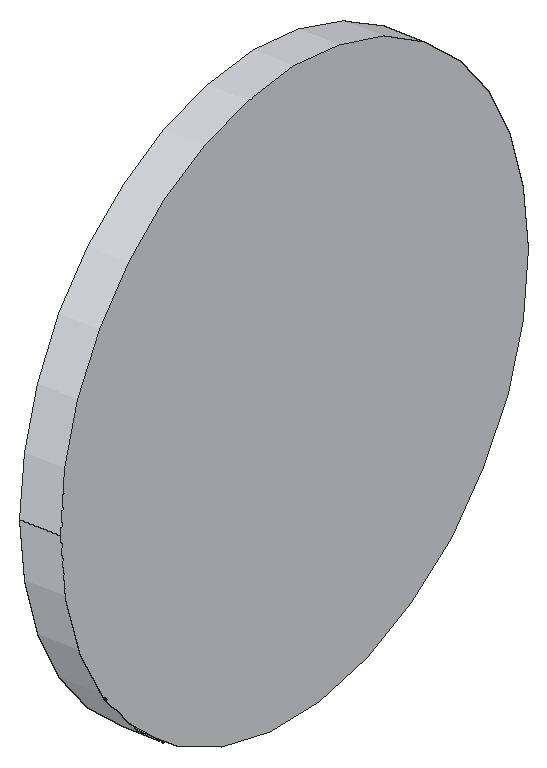
Revit family "26e34a6b79154bba8f4dd10f563c092f", category Pipe Fittings, Revit 2021
Family settings
  Round Connector Dimension = Use Radius
  Part Type = Flange
  OmniClass Number = 23.60.30.11.14
  OmniClass Title = Pipework Fittings
  Seek Item ID = Flange - Threaded - GI - Class 250-0000-USA-ENU
  Work Plane-Based = No
  Always vertical = Yes
  Cut with Voids When Loaded = No
  Shared = No
Parameters (values of type "Standard")
  Tick Size [instance] = Flange Diameter * 0.4  # 3.6000"
  Nominal Radius [instance] = 2.0000"
  Nominal Diameter [instance] = Nominal Radius * 2  # 4.0000"
  Loss Method = Not Defined
  Lookup Table Name = "Flange - Ring - Steel - Class 86"
  Flange Thickness [instance] = size_lookup(Lookup Table Name, "FThk", 0.02 * Nominal Diameter + 0.3500", Nominal Diameter)  # 0.6250"
  Flange Radius [instance] = Flange Diameter / 2  # 4.5000"
  Flange Diameter [instance] = size_lookup(Lookup Table Name, "FDia", 1.13 * Nominal Diameter + 5.0900", Nominal Diameter)  # 9.0000"
  Default Elevation = 0.0000"
Reference planes (in)
  plane 1 "Center (Front/Back)": y = 0
  plane 2: z = 0
  plane 3 "Center (Left/Right)": x = 0
  plane 4: y = 3.6
  plane 5: y = -3.6
  plane 6: x = 0.625
Forms (in)
  Extrusion 1, solid, detail levels fine
    sketch origin (0, 0, 0) x (0, 1, 0) y (0, 0, 1)
      loop
        circle (0, 0) r 4.5
    from 0 to 0.625
Lines and regions (in)
  model lines, detail levels coarse+medium
    curve 1: line (0.3125, 3.6, 0) -> (0.3125, -3.6, 0)
  model lines, style "PipeFitting", detail levels coarse+medium
    curve 2: line (0.625, 0, 0) -> (0, 0, 0)
Dimensions and locks (in)
  equal spacing: plane 4, plane 1 "Center (Front/Back)", plane 5
  "Tick Size": plane 4 to plane 1 "Center (Front/Back)"
  "Flange Thickness": plane 3 "Center (Left/Right)" to plane 6
  equal spacing: plane 3 "Center (Left/Right)", curve 1, plane 6
  "Flange Radius": radius of Extrusion 1 sketch curve
  aligned and locked: plane 4 to curve 1
  aligned and locked: plane 5 to curve 1
  aligned and locked: plane 1 "Center (Front/Back)" to curve 2
  aligned and locked: plane 6 to Extrusion 1
  aligned and locked: plane 6 to curve 2
  aligned and locked: Extrusion 1 to plane 3 "Center (Left/Right)"
  aligned and locked: plane 3 "Center (Left/Right)" to curve 2
Automatic sketch dimensions
  Extrusion 1 sketch curve to level = 0.0000"
  Extrusion 1 sketch curve to plane 1 "Center (Front/Back)" = 0.0000"
Connectors (in)
  piping at (0, 0, 0), diameter 4, driven by "Nominal Radius"
    settings: on Extrusion 1, index 1, connector inside diameter 4.0000", connector length 0.0000", flow factor 0, pipe flow 0 GPM, pressure drop 0.00 psi, fitting loss kfactor 0, connector angle 0.00°, fixture units 0, engagement length 0.0000", angle of deflection 0.00°, flow configuration 0, flow direction 0, fitting loss method 0, system type 28, joint type 0, gender type 0, connector reference index 2, connector utility 0, adjustable connector no, is connector primary yes, connector description ""
  piping at (0.625, 0, 0), diameter 4, driven by "Nominal Radius"
    settings: on Extrusion 1, index 2, connector inside diameter 4.0000", connector length 0.0000", flow factor 0, pipe flow 0 GPM, pressure drop 0.00 psi, fitting loss kfactor 0, connector angle 0.00°, fixture units 0, engagement length 0.0000", angle of deflection 0.00°, flow configuration 0, flow direction 0, fitting loss method 0, system type 28, joint type 0, gender type 0, connector reference index 1, connector utility 0, adjustable connector no, is connector primary no, connector description ""
